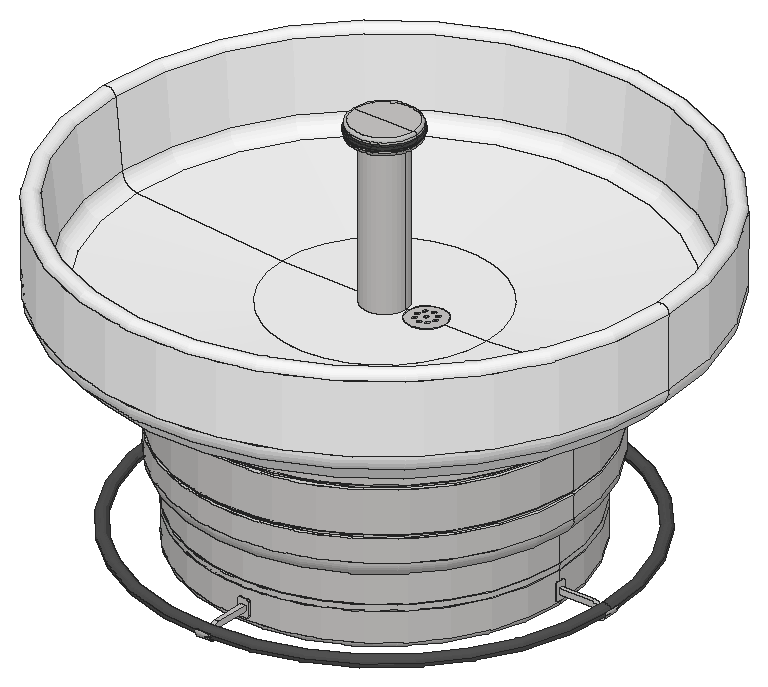
Revit family "Washfountain_Lavatory-Bradley_Corp-WF2608-Type_B_Drain", category Plumbing Fixtures, Revit 2012 (continued)
Automatic sketch dimensions
  curve 101 to plane 1 "Center (Front/Back)" = 0.000"
  curve 101 to plane 3 "Center (Left/Right)" = 0.000"
  Masking region 27 sketch curve to plane 1 "Center (Front/Back)" = 0.000"
  Masking region 27 sketch curve to plane 3 "Center (Left/Right)" = 0.000"
  curve 102 to plane 1 "Center (Front/Back)" = 0.000"
  curve 102 to plane 3 "Center (Left/Right)" = 0.000"
  Masking region 28 sketch curve to plane 1 "Center (Front/Back)" = 0.000"
  Masking region 28 sketch curve to plane 3 "Center (Left/Right)" = 0.000"
  curve 103 to plane 1 "Center (Front/Back)" = 0.000"
  curve 103 to plane 3 "Center (Left/Right)" = 0.000"
  plane 8 "Towel Dispenser" to Extrusion 13 sketch curve = 0.000"
  Extrusion 13 sketch curve to Extrusion 13 sketch curve = 1.37502"
  Extrusion 13 sketch curve to Extrusion 13 sketch curve = 1.750"
  Extrusion 13 sketch curve to Extrusion 13 sketch curve = 2.250"
  Extrusion 14 sketch curve to Extrusion 14 sketch curve = 1.37502"
  Extrusion 14 sketch curve to Extrusion 14 sketch curve = 1.750"
  Extrusion 14 sketch curve to Extrusion 14 sketch curve = 2.250"
  Extrusion 14 sketch curve to plane 8 "Towel Dispenser" = 0.000"
  Extrusion 15 sketch curve to Extrusion 15 sketch curve = 1.37502"
  Extrusion 15 sketch curve to Extrusion 15 sketch curve = 1.750"
  Extrusion 15 sketch curve to Extrusion 15 sketch curve = 2.250"
  Extrusion 15 sketch curve to plane 8 "Towel Dispenser" = 0.000"
  Split face 1 sketch curve to Extrusion 13 = 0.56845"
  Split face 1 sketch curve to Split face 1 sketch curve = 0.750"
  Split face 1 sketch curve to Extrusion 13 = 1.500"  (x2)
  Split face 2 sketch curve to Extrusion 14 = 0.56845"
  Split face 2 sketch curve to Split face 2 sketch curve = 0.750"
  Split face 2 sketch curve to Extrusion 14 = 1.500"  (x2)
  Split face 3 sketch curve to Extrusion 15 = 0.56851"
  Split face 3 sketch curve to Split face 3 sketch curve = 0.750"
  Split face 3 sketch curve to Extrusion 15 = 1.500"  (x2)
  curve 9 to plane 1 "Center (Front/Back)" = 0.000"
  curve 109 to plane 6 "Front" = 0.000"
  curve 132 to plane 7 "Back" = 0.000"
  curve 10 to plane 3 "Center (Left/Right)" = 0.000"
  plane 3 "Center (Left/Right)" to curve 105 = 0.06279"
  plane 3 "Center (Left/Right)" to curve 132 = 3.000"
  plane 3 "Center (Left/Right)" to curve 109 = 3.000"
  plane 3 "Center (Left/Right)" to curve 9 = 3.000"
  curve 105 to curve 9 = 2.60192"
  curve 104 to plane 3 "Center (Left/Right)" = 0.06259"
  curve 109 to plane 3 "Center (Left/Right)" = 3.000"
  curve 9 to plane 3 "Center (Left/Right)" = 3.000"
  curve 132 to plane 3 "Center (Left/Right)" = 3.000"
  curve 9 to curve 104 = 2.60167"
  curve 106 to plane 1 "Center (Front/Back)" = 3.20696"
  curve 10 to plane 1 "Center (Front/Back)" = 3.000"
  plane 1 "Center (Front/Back)" to curve 10 = 3.000"
  curve 10 to curve 104 = 3.38699"
  curve 104 to curve 105 = 0.00011"
  curve 134 to curve 132 = 0.000"
  curve 133 to curve 132 = 0.000"
  curve 141 to curve 132 = 2.50026"
  curve 139 to curve 132 = 0.29642"
  curve 139 to curve 132 = 1.00026"
  curve 138 to curve 132 = 0.25026"
  curve 141 to curve 132 = 1.37502"
  curve 132 to curve 140 = 1.000"
  curve 140 to curve 140 = 0.750"
  curve 132 to curve 133 = 2.500"
  curve 139 to curve 138 = 0.39109"
  curve 136 to curve 141 = 0.000"
  curve 132 to curve 135 = 14.62567"
  curve 135 to curve 133 = 0.68733"
  curve 135 to curve 134 = 0.68733"
  curve 108 to Extrusion 15 = 0.000"  (x3)
  curve 154 to Extrusion 15 = 2.60156"
  Extrusion 15 to curve 154 = 1.95703"
  curve 154 to curve 154 = 1.000"
  curve 107 to Extrusion 14 = 0.000"  (x3)
  Extrusion 14 to curve 156 = 1.95703"
  curve 156 to Extrusion 14 = 2.60156"
  curve 156 to curve 156 = 1.000"
  curve 157 to Extrusion 13 = 0.000"  (x3)
  curve 155 to Extrusion 13 = 2.60156"
  curve 155 to curve 155 = 1.000"
  Extrusion 13 to curve 155 = 1.95703"
  curve 160 to curve 132 = 0.54323"
  curve 132 to curve 160 = 3.97659"
  curve 132 to curve 160 = 4.97659"
  Masking region 29 sketch curve to plane 1 "Center (Front/Back)" = 0.000"
  Masking region 29 sketch curve to plane 3 "Center (Left/Right)" = 0.000"
  plane 3 "Center (Left/Right)" to Masking region 29 sketch curve = 0.06279"
  plane 3 "Center (Left/Right)" to Masking region 29 sketch curve = 3.52689"
  plane 3 "Center (Left/Right)" to Masking region 29 sketch curve = 5.50026"
  Masking region 29 sketch curve to plane 1 "Center (Front/Back)" = 3.13918"
  Masking region 29 sketch curve to Masking region 29 sketch curve = 0.06253"
  Masking region 29 sketch curve to plane 1 "Center (Front/Back)" = 1.13918"
  Masking region 29 sketch curve to Masking region 29 sketch curve = 3.4641"  (x2)
  Masking region 29 sketch curve to plane 3 "Center (Left/Right)" = 0.06259"
  Masking region 29 sketch curve to plane 3 "Center (Left/Right)" = 3.5267"
  Masking region 29 sketch curve to plane 3 "Center (Left/Right)" = 5.500"
  Masking region 29 sketch curve to plane 1 "Center (Front/Back)" = 3.13929"
  Masking region 29 sketch curve to Masking region 29 sketch curve = 0.06259"
  Masking region 29 sketch curve to plane 1 "Center (Front/Back)" = 1.13929"
  Masking region 29 sketch curve to Masking region 29 sketch curve = 0.06767"
  Masking region 29 sketch curve to Masking region 29 sketch curve = 0.06779"
  Masking region 29 sketch curve to Masking region 29 sketch curve = 4.000"
  Extrusion 16 sketch curve to plane 1 "Center (Front/Back)" = 0.000"
  Extrusion 16 sketch curve to plane 3 "Center (Left/Right)" = 0.000"
  curve 5 to Masking region 32 sketch curve = 1.000"
  curve 5 to Masking region 32 sketch curve = 3.500"
  Masking region 32 sketch curve to curve 5 = 1.000"
  Masking region 33 sketch curve to plane 10 "Sensor Module" = 3.500"
  Masking region 33 sketch curve to plane 1 "Center (Front/Back)" = 2.000"
  plane 1 "Center (Front/Back)" to Masking region 33 sketch curve = 2.000"
  Extrusion 17 sketch curve to plane 1 "Center (Front/Back)" = 0.000"
  Extrusion 17 sketch curve to plane 3 "Center (Left/Right)" = 0.000"
  Extrusion 18 sketch curve to Extrusion 18 sketch curve = 0.000"  (x3)
  Extrusion 18 sketch curve to plane 1 "Center (Front/Back)" = 0.000"
  Extrusion 18 sketch curve to plane 3 "Center (Left/Right)" = 0.000"
  plane 3 "Center (Left/Right)" to Extrusion 18 sketch curve = 0.06295"
  Extrusion 18 sketch curve to Extrusion 18 sketch curve = 2.000"
  Extrusion 18 sketch curve to Extrusion 18 sketch curve = 3.50026"
  Extrusion 18 sketch curve to Extrusion 18 sketch curve = 0.06243"
  Extrusion 18 sketch curve to plane 3 "Center (Left/Right)" = 0.06259"
  Extrusion 18 sketch curve to Extrusion 18 sketch curve = 3.500"
  Extrusion 18 sketch curve to Extrusion 18 sketch curve = 0.06259"
  Extrusion 18 sketch curve to plane 1 "Center (Front/Back)" = 3.13929"  (x2)
  Extrusion 18 sketch curve to Extrusion 18 sketch curve = 0.06767"
  plane 1 "Center (Front/Back)" to Extrusion 18 sketch curve = 6.38699"
  plane 3 "Center (Left/Right)" to Extrusion 19 sketch curve = 5.56269"
  Extrusion 19 sketch curve to Extrusion 19 sketch curve = 0.06243"
  plane 3 "Center (Left/Right)" to Extrusion 19 sketch curve = 0.06295"
  Extrusion 19 sketch curve to plane 3 "Center (Left/Right)" = 0.06259"
  Extrusion 19 sketch curve to plane 3 "Center (Left/Right)" = 5.500"
  Extrusion 19 sketch curve to Extrusion 19 sketch curve = 0.06259"
  Extrusion 19 sketch curve to plane 1 "Center (Front/Back)" = 3.20696"
  Extrusion 19 sketch curve to Extrusion 19 sketch curve = 0.06767"  (x2)
  plane 1 "Center (Front/Back)" to Extrusion 19 sketch curve = 6.38699"
  Extrusion 19 sketch curve to Extrusion 19 sketch curve = 0.000"
  Extrusion 19 sketch curve to plane 1 "Center (Front/Back)" = 0.000"
  Extrusion 19 sketch curve to plane 3 "Center (Left/Right)" = 0.000"
  Extrusion 19 sketch curve to Extrusion 19 sketch curve = 2.000"
  curve 96 to curve 5 = 1.5755"
  curve 5 to curve 95 = 0.56541"
  curve 96 to curve 95 = 0.07563"
  curve 5 to curve 97 = 1.000"
  curve 97 to curve 5 = 1.000"
  curve 5 to curve 95 = 1.49987"
  curve 95 to curve 96 = 0.0755"
  curve 96 to curve 95 = 1.44948"
  curve 97 to curve 5 = 2.84038"
  Sweep 20 sketch curve to profile plane = 0.000"
  profile plane to Sweep 20 sketch curve = 1.425"
  Extrusion 21 sketch curve to Extrusion 21 sketch curve = 0.000"  (x10)
  level to Extrusion 21 sketch curve = 1.57969"
  plane 4 "Left" to Extrusion 21 sketch curve = 5.42032"
  Extrusion 21 sketch curve to Extrusion 21 sketch curve = 0.04831"  (x2)
  Extrusion 21 sketch curve to Extrusion 21 sketch curve = 0.48307"  (x2)
  Extrusion 21 sketch curve to Extrusion 21 sketch curve = 0.48846"  (x2)
  Extrusion 21 sketch curve to Extrusion 21 sketch curve = 0.04885"  (x2)
  level to Extrusion 21 sketch curve = 1.55302"
  Extrusion 21 sketch curve to plane 5 "Right" = 6.58615"
  Extrusion 21 sketch curve to Extrusion 21 sketch curve = 0.02667"
  Extrusion 21 sketch curve to Extrusion 21 sketch curve = 0.01068"
  Extrusion 22 sketch curve to Extrusion 22 sketch curve = 0.000"  (x10)
  level to Extrusion 22 sketch curve = 1.57982"
  plane 6 "Front" to Extrusion 22 sketch curve = 5.42032"
  Extrusion 22 sketch curve to Extrusion 22 sketch curve = 0.04831"  (x2)
  Extrusion 22 sketch curve to Extrusion 22 sketch curve = 0.48307"  (x2)
  Extrusion 22 sketch curve to Extrusion 22 sketch curve = 0.48846"  (x2)
  Extrusion 22 sketch curve to Extrusion 22 sketch curve = 0.04885"  (x2)
  level to Extrusion 22 sketch curve = 1.55315"
  Extrusion 22 sketch curve to plane 7 "Back" = 6.58615"
  Extrusion 22 sketch curve to Extrusion 22 sketch curve = 0.03735"
  Extrusion 22 sketch curve to Extrusion 22 sketch curve = 0.01068"
  Extrusion 24 sketch curve to Extrusion 24 sketch curve = 0.000"  (x6)
  level to Extrusion 24 sketch curve = 0.82997"
  plane 6 "Front" to Extrusion 24 sketch curve = 5.99907"
  Extrusion 24 sketch curve to Extrusion 24 sketch curve = 0.19771"  (x2)
  Extrusion 24 sketch curve to Extrusion 24 sketch curve = 0.600"
  Extrusion 24 sketch curve to Extrusion 24 sketch curve = 0.45214"  (x2)
  Extrusion 24 sketch curve to Extrusion 24 sketch curve = 0.14125"  (x2)
  Extrusion 24 sketch curve to Extrusion 24 sketch curve = 3.19031"  (x2)
  level to Extrusion 24 sketch curve = 1.77219"
  Extrusion 24 sketch curve to plane 7 "Back" = 10.38277"
  level to Extrusion 24 sketch curve = 1.27219"
  Extrusion 24 sketch curve to Extrusion 24 sketch curve = 0.40229"
  Extrusion 24 sketch curve to Extrusion 24 sketch curve = 0.34334"
  Extrusion 23 sketch curve to Extrusion 23 sketch curve = 0.000"  (x6)
  level to Extrusion 23 sketch curve = 0.82503"  (x2)
  plane 4 "Left" to Extrusion 23 sketch curve = 6.000"
  Extrusion 23 sketch curve to Extrusion 23 sketch curve = 0.19771"  (x2)
  Extrusion 23 sketch curve to Extrusion 23 sketch curve = 0.600"
  Extrusion 23 sketch curve to Extrusion 23 sketch curve = 0.45214"  (x2)
  Extrusion 23 sketch curve to Extrusion 23 sketch curve = 0.14125"  (x2)
  Extrusion 23 sketch curve to Extrusion 23 sketch curve = 3.19031"  (x2)
  level to Extrusion 23 sketch curve = 1.26725"
  Extrusion 23 sketch curve to plane 5 "Right" = 10.3837"
  Extrusion 23 sketch curve to Extrusion 23 sketch curve = 0.40229"
  Extrusion 23 sketch curve to Extrusion 23 sketch curve = 0.34334"
  curve 161 to plane 1 "Center (Front/Back)" = 0.000"
  curve 161 to plane 3 "Center (Left/Right)" = 0.000"
  plane 1 "Center (Front/Back)" to Extrusion 25 sketch curve = 0.49499"
  plane 1 "Center (Front/Back)" to Extrusion 25 sketch curve = 0.24499"  (x2)
  plane 1 "Center (Front/Back)" to Extrusion 25 sketch curve = 0.23845"
  Extrusion 25 sketch curve to plane 1 "Center (Front/Back)" = 0.24214"
  Extrusion 25 sketch curve to plane 1 "Center (Front/Back)" = 0.25501"  (x2)
  Extrusion 25 sketch curve to Extrusion 25 sketch curve = 0.250"
  level to Extrusion 25 sketch curve = 0.70961"
  Extrusion 25 sketch curve to Extrusion 25 sketch curve = 0.2684"  (x2)
  Extrusion 25 sketch curve to Extrusion 25 sketch curve = 0.5882"
  Extrusion 28 sketch curve to plane 3 "Center (Left/Right)" = 0.49499"
  Extrusion 28 sketch curve to plane 3 "Center (Left/Right)" = 0.24499"  (x2)
  Extrusion 28 sketch curve to plane 3 "Center (Left/Right)" = 0.23845"
  plane 3 "Center (Left/Right)" to Extrusion 28 sketch curve = 0.24214"
  plane 3 "Center (Left/Right)" to Extrusion 28 sketch curve = 0.25501"  (x2)
  Extrusion 28 sketch curve to Extrusion 28 sketch curve = 0.250"
  level to Extrusion 28 sketch curve = 0.70961"
  Extrusion 28 sketch curve to Extrusion 28 sketch curve = 0.2684"  (x2)
  Extrusion 28 sketch curve to Extrusion 28 sketch curve = 0.5882"
  plane 1 "Center (Front/Back)" to Extrusion 26 sketch curve = 0.50501"
  plane 1 "Center (Front/Back)" to Extrusion 26 sketch curve = 0.25501"  (x2)
  plane 1 "Center (Front/Back)" to Extrusion 26 sketch curve = 0.24214"
  Extrusion 26 sketch curve to plane 1 "Center (Front/Back)" = 0.23845"
  Extrusion 26 sketch curve to plane 1 "Center (Front/Back)" = 0.24499"  (x2)
  Extrusion 26 sketch curve to Extrusion 26 sketch curve = 0.250"
  level to Extrusion 26 sketch curve = 0.70961"
  Extrusion 26 sketch curve to Extrusion 26 sketch curve = 0.2684"  (x2)
  Extrusion 26 sketch curve to Extrusion 26 sketch curve = 0.5882"
  Extrusion 27 sketch curve to plane 3 "Center (Left/Right)" = 0.50501"
  Extrusion 27 sketch curve to plane 3 "Center (Left/Right)" = 0.25501"  (x2)
  Extrusion 27 sketch curve to plane 3 "Center (Left/Right)" = 0.24214"
  plane 3 "Center (Left/Right)" to Extrusion 27 sketch curve = 0.23845"
  plane 3 "Center (Left/Right)" to Extrusion 27 sketch curve = 0.24499"  (x2)
  Extrusion 27 sketch curve to Extrusion 27 sketch curve = 0.250"
  level to Extrusion 27 sketch curve = 0.70961"
  Extrusion 27 sketch curve to Extrusion 27 sketch curve = 0.2684"  (x2)
  Extrusion 27 sketch curve to Extrusion 27 sketch curve = 0.5882"
  plane 4 "Left" to Masking region 34 sketch curve = 5.42032"
  Masking region 34 sketch curve to Masking region 34 sketch curve = 0.000"  (x4)
  Masking region 34 sketch curve to Masking region 34 sketch curve = 0.04831"  (x2)
  Masking region 34 sketch curve to Masking region 34 sketch curve = 0.04873"  (x2)
  Masking region 34 sketch curve to Masking region 34 sketch curve = 0.48264"  (x2)
  Masking region 34 sketch curve to Masking region 34 sketch curve = 0.00088"
  Masking region 34 sketch curve to Masking region 34 sketch curve = 0.19771"  (x2)
  Masking region 34 sketch curve to Masking region 34 sketch curve = 0.69685"  (x2)
  Masking region 34 sketch curve to plane 3 "Center (Left/Right)" = 0.670"
  Masking region 34 sketch curve to Masking region 34 sketch curve = 0.16499"
  Masking region 34 sketch curve to Masking region 34 sketch curve = 0.20433"  (x2)
  Masking region 34 sketch curve to Masking region 34 sketch curve = 0.21066"  (x2)
  Masking region 34 sketch curve to plane 3 "Center (Left/Right)" = 0.25501"
  plane 3 "Center (Left/Right)" to Masking region 34 sketch curve = 0.25501"  (x2)
  Masking region 34 sketch curve to Masking region 34 sketch curve = 0.250"
  level to Masking region 34 sketch curve = 0.925"
  Masking region 34 sketch curve to plane 5 "Right" = 6.69772"
  Masking region 34 sketch curve to Masking region 34 sketch curve = 0.50002"
  level to Masking region 34 sketch curve = 0.825"
  Masking region 34 sketch curve to Masking region 34 sketch curve = 0.10013"  (x2)
  Masking region 34 sketch curve to Masking region 34 sketch curve = 0.50506"
  Masking region 34 sketch curve to Masking region 34 sketch curve = 0.00013"  (x2)
  Masking region 34 sketch curve to Masking region 34 sketch curve = 1.000"
  Masking region 34 sketch curve to Masking region 34 sketch curve = 0.15961"
  Masking region 34 sketch curve to Masking region 34 sketch curve = 0.11539"  (x2)
  level to Masking region 34 sketch curve = 0.82487"
  level to Masking region 35 sketch curve = 1.57955"
  plane 6 "Front" to Masking region 35 sketch curve = 5.42032"
  Masking region 35 sketch curve to Masking region 35 sketch curve = 0.000"  (x4)
  Masking region 35 sketch curve to Masking region 35 sketch curve = 0.04831"  (x2)
  Masking region 35 sketch curve to Masking region 35 sketch curve = 0.04873"  (x2)
  Masking region 35 sketch curve to Masking region 35 sketch curve = 0.48264"  (x2)
  Masking region 35 sketch curve to Masking region 35 sketch curve = 0.00088"
  Masking region 35 sketch curve to Masking region 35 sketch curve = 0.19771"  (x2)
  Masking region 35 sketch curve to Masking region 35 sketch curve = 0.69685"  (x2)
  plane 1 "Center (Front/Back)" to Masking region 35 sketch curve = 0.670"
  plane 1 "Center (Front/Back)" to Masking region 35 sketch curve = 0.50501"
  Masking region 35 sketch curve to Masking region 35 sketch curve = 0.20433"  (x2)
  Masking region 35 sketch curve to Masking region 35 sketch curve = 0.21066"  (x2)
  Masking region 35 sketch curve to Masking region 35 sketch curve = 0.250"  (x2)
  Masking region 35 sketch curve to plane 1 "Center (Front/Back)" = 0.25501"  (x2)
  level to Masking region 35 sketch curve = 0.92487"  (x2)
  Masking region 35 sketch curve to plane 7 "Back" = 6.69772"
  Masking region 35 sketch curve to Masking region 35 sketch curve = 0.50002"
  Masking region 35 sketch curve to Masking region 35 sketch curve = 0.100"  (x2)
  Masking region 35 sketch curve to Masking region 35 sketch curve = 0.10013"  (x2)
  Masking region 35 sketch curve to Masking region 35 sketch curve = 0.11539"
  Masking region 35 sketch curve to Masking region 35 sketch curve = 0.50506"
  Masking region 35 sketch curve to Masking region 35 sketch curve = 0.00013"  (x2)
  Masking region 35 sketch curve to Masking region 35 sketch curve = 0.15961"
  curve 57 to curve 11 = 14.96307"
  curve 56 to curve 57 = 0.000"
  curve 53 to curve 56 = 0.000"
  curve 60 to curve 57 = 0.000"
  curve 53 to curve 42 = 0.00024"
  curve 57 to curve 47 = 0.00024"
  curve 51 to curve 47 = 0.000"
  curve 46 to curve 42 = 0.000"
  curve 46 to curve 45 = 0.09798"  (x2)
  curve 51 to curve 50 = 0.09798"  (x2)
  curve 43 to curve 45 = 0.000"
  curve 44 to curve 43 = 0.000"  (x2)
  curve 49 to curve 50 = 0.000"
  curve 48 to curve 49 = 0.000"
  curve 53 to curve 54 = 0.125"
  curve 60 to curve 59 = 0.125"  (x2)
  curve 68 to curve 54 = 0.000"
  curve 67 to curve 59 = 0.000"  (x2)
  curve 55 to curve 68 = 0.000"  (x2)
  curve 58 to curve 67 = 0.000"  (x2)
  curve 60 to curve 66 = 1.29784"
  curve 64 to curve 66 = 0.000"
  curve 65 to curve 64 = 0.000"
  curve 66 to curve 63 = 0.048"
  curve 64 to curve 62 = 0.048"
  curve 59 to curve 52 = 1.22108"
  curve 11 to curve 62 = 13.61537"
  curve 61 to curve 62 = 0.000"
  curve 63 to curve 62 = 0.000"
  curve 62 to curve 65 = 0.048"
  curve 63 to curve 66 = 0.048"
  curve 62 to curve 64 = 0.048"
  curve 52 to curve 59 = 1.2206"
  curve 68 to curve 67 = 0.000"
  curve 54 to curve 68 = 0.000"
  curve 58 to curve 50 = 0.02726"
  curve 54 to curve 43 = 0.02726"
  curve 48 to curve 50 = 0.000"
  curve 45 to curve 44 = 0.000"
  curve 49 to curve 48 = 0.000"
  curve 54 to curve 53 = 0.125"  (x2)
  curve 58 to curve 57 = 0.125"  (x2)
  curve 59 to curve 60 = 0.125"
  curve 55 to curve 56 = 0.125"
  curve 50 to curve 51 = 0.09798"
  curve 43 to curve 42 = 0.09798"  (x2)
  curve 45 to curve 46 = 0.09798"
  curve 48 to curve 47 = 0.09798"  (x2)
  curve 63 to curve 11 = 15.8195"
  curve 63 to curve 66 = 0.06365"
  curve 66 to curve 65 = 0.24885"
  curve 65 to curve 64 = 0.24885"
  curve 64 to curve 62 = 0.06365"
  curve 62 to curve 61 = 2.70246"
  curve 52 to curve 60 = 0.84847"
  curve 59 to curve 67 = 0.0625"
  curve 67 to curve 58 = 0.0625"
  curve 57 to curve 51 = 1.55669"
  curve 50 to curve 49 = 0.04899"
  curve 49 to curve 48 = 0.04899"
  curve 47 to curve 56 = 1.96186"
  curve 56 to curve 55 = 0.125"
  curve 55 to curve 68 = 0.0625"
  curve 68 to curve 54 = 0.0625"
  curve 53 to curve 46 = 0.65162"
  curve 45 to curve 44 = 0.04899"
  curve 44 to curve 43 = 0.04899"
  curve 12 to curve 25 = 4.37498"
  curve 25 to curve 12 = 14.96214"
  curve 28 to curve 25 = 0.000"
  curve 30 to curve 28 = 0.000"
  curve 14 to curve 25 = 0.000"
  curve 33 to curve 30 = 0.000"
  curve 22 to curve 30 = 0.000"
  curve 17 to curve 14 = 0.000"
  curve 19 to curve 22 = 0.000"
  curve 17 to curve 13 = 0.09798"
  curve 22 to curve 18 = 0.09798"
  curve 15 to curve 13 = 0.000"
  curve 20 to curve 18 = 0.000"  (x2)
  curve 16 to curve 13 = 0.000"
  curve 21 to curve 18 = 0.000"
  curve 33 to curve 34 = 0.125"
  curve 25 to curve 26 = 0.125"
  curve 27 to curve 26 = 0.000"
  curve 32 to curve 34 = 0.000"
  curve 29 to curve 27 = 0.000"
  curve 31 to curve 34 = 0.000"  (x2)
  curve 33 to curve 37 = 1.29784"
  curve 38 to curve 37 = 0.000"
  curve 40 to curve 38 = 0.000"
  curve 32 to curve 24 = 1.22084"
  curve 37 to curve 36 = 0.048"
  curve 40 to curve 39 = 0.048"
  curve 39 to curve 36 = 0.000"
  curve 39 to curve 40 = 0.048"
  curve 36 to curve 37 = 0.048"
  curve 38 to curve 40 = 0.000"
  curve 24 to curve 29 = 1.22084"
  curve 24 to curve 32 = 1.22084"
  curve 26 to curve 29 = 0.000"
  curve 34 to curve 32 = 0.000"
  curve 27 to curve 29 = 0.000"
  curve 31 to curve 21 = 0.02702"
  curve 18 to curve 21 = 0.000"
  curve 26 to curve 16 = 0.02702"
  curve 15 to curve 16 = 0.000"
  curve 13 to curve 16 = 0.000"
  curve 16 to curve 17 = 0.09798"
  curve 21 to curve 22 = 0.09798"
  curve 32 to curve 33 = 0.125"
  curve 15 to curve 14 = 0.09798"  (x2)
  curve 31 to curve 30 = 0.125"  (x2)
  curve 27 to curve 28 = 0.125"
  curve 26 to curve 25 = 0.125"  (x2)
  curve 20 to curve 19 = 0.09798"  (x2)
  curve 29 to curve 26 = 0.0625"
  curve 27 to curve 29 = 0.0625"
  curve 28 to curve 27 = 0.125"
  curve 19 to curve 28 = 1.96186"
  curve 18 to curve 20 = 0.04899"
  curve 21 to curve 18 = 0.04899"
  curve 22 to curve 21 = 0.09798"
  curve 30 to curve 22 = 1.55669"
  curve 34 to curve 31 = 0.0625"
  curve 32 to curve 34 = 0.0625"
  curve 33 to curve 32 = 0.125"
  curve 24 to curve 32 = 0.97347"
  curve 36 to curve 35 = 2.70246"
  curve 37 to curve 36 = 0.06365"
  curve 38 to curve 37 = 0.24885"
  curve 40 to curve 38 = 0.24885"
  curve 39 to curve 40 = 0.06365"
  curve 25 to curve 17 = 0.65162"
  curve 17 to curve 16 = 0.09798"
  curve 16 to curve 13 = 0.04899"
  curve 13 to curve 15 = 0.04899"
  plane 4 "Left" to Masking region 36 sketch curve = 6.000"
  level to Masking region 36 sketch curve = 1.925"
  Masking region 36 sketch curve to plane 5 "Right" = 6.000"
  Masking region 36 sketch curve to Masking region 36 sketch curve = 0.500"
  plane 6 "Front" to Masking region 37 sketch curve = 6.000"
  Masking region 37 sketch curve to plane 7 "Back" = 6.000"
  Masking region 37 sketch curve to Masking region 37 sketch curve = 0.500"
  level to Masking region 37 sketch curve = 0.92487"
  Revolve 5 sketch curve to curve 12 = 0.000"
  Revolve 5 sketch curve to curve 12 = 13.22437"
  Revolve 5 sketch curve to Revolve 5 sketch curve = 0.39193"  (x2)
  Revolve 5 sketch curve to Revolve 5 sketch curve = 0.048"
  curve 12 to Revolve 5 sketch curve = 3.52739"
  Revolve 5 sketch curve to Revolve 5 sketch curve = 1.24786"  (x2)
  curve 12 to Revolve 5 sketch curve = 6.80982"
  Revolve 5 sketch curve to Revolve 5 sketch curve = 1.34584"
  curve 12 to Revolve 5 sketch curve = 6.71184"
  Revolve 5 sketch curve to Revolve 5 sketch curve = 0.09798"  (x6)
  curve 12 to Revolve 5 sketch curve = 3.000"
  Revolve 5 sketch curve to Revolve 5 sketch curve = 1.43431"
  Revolve 5 sketch curve to Revolve 5 sketch curve = 1.40855"
  Revolve 5 sketch curve to Revolve 5 sketch curve = 0.06365"  (x2)
  Revolve 5 sketch curve to Revolve 5 sketch curve = 0.4977"
  Revolve 5 sketch curve to Revolve 5 sketch curve = 2.78857"
  Revolve 5 sketch curve to curve 12 = 18.69893"
  Revolve 5 sketch curve to Revolve 5 sketch curve = 0.19597"
  curve 12 to Revolve 5 sketch curve = 3.05107"
  Masking region 6 sketch curve to curve 12 = 0.000"
  Masking region 6 sketch curve to curve 12 = 14.96214"
  Masking region 6 sketch curve to Masking region 6 sketch curve = 0.000"  (x2)
  curve 12 to Masking region 6 sketch curve = 3.72336"
  Masking region 6 sketch curve to Masking region 6 sketch curve = 0.09798"  (x14)
  curve 12 to Masking region 6 sketch curve = 3.62537"  (x2)
  Masking region 6 sketch curve to Masking region 6 sketch curve = 1.29784"
  Masking region 6 sketch curve to Masking region 6 sketch curve = 0.048"  (x3)
  Masking region 6 sketch curve to Masking region 6 sketch curve = 0.39193"  (x3)
  curve 12 to Masking region 6 sketch curve = 13.22437"
  Masking region 6 sketch curve to Masking region 6 sketch curve = 1.24786"  (x2)
  curve 12 to Masking region 6 sketch curve = 6.90781"
  Masking region 6 sketch curve to Masking region 6 sketch curve = 1.34584"
  curve 12 to Masking region 6 sketch curve = 6.71184"
  Masking region 6 sketch curve to Masking region 6 sketch curve = 3.18445"
  Masking region 6 sketch curve to Masking region 6 sketch curve = 1.43431"  (x2)
  Masking region 6 sketch curve to Masking region 6 sketch curve = 1.40855"  (x2)
  Masking region 6 sketch curve to Masking region 6 sketch curve = 0.06365"  (x4)
  Masking region 6 sketch curve to Masking region 6 sketch curve = 0.4977"  (x2)
  Masking region 6 sketch curve to Masking region 6 sketch curve = 2.78857"
  curve 23 to curve 24 = 0.03763"
  curve 23 to curve 35 = 0.03763"
  curve 12 to curve 35 = 13.6163"
  curve 24 to curve 35 = 0.000"
  curve 39 to curve 35 = 0.000"
  curve 35 to curve 23 = 0.03763"
  curve 23 to curve 24 = 2.36946"
  curve 35 to curve 23 = 0.33663"
  curve 189 to curve 1 = 13.6643"
  curve 188 to curve 189 = 0.000"
  curve 189 to curve 190 = 0.048"
  curve 188 to curve 187 = 0.048"
  curve 1 to curve 187 = 13.6163"
  curve 190 to curve 187 = 0.000"
  curve 190 to curve 189 = 0.048"
  curve 187 to curve 188 = 0.048"
  curve 187 to curve 1 = 21.4445"
  curve 188 to curve 187 = 0.06365"
  curve 189 to curve 188 = 0.4977"
  curve 190 to curve 189 = 0.06365"
  curve 191 to curve 189 = 0.000"
  curve 191 to curve 188 = 0.000"
  curve 189 to curve 191 = 0.24885"
  plane 1 "Center (Front/Back)" to Masking region 38 sketch curve = 2.000"
  Masking region 38 sketch curve to plane 1 "Center (Front/Back)" = 2.000"
  Masking region 38 sketch curve to plane 9 "Soap Dispenser" = 8.500"
  Masking region 12 sketch curve to curve 11 = 0.000"
  Masking region 12 sketch curve to curve 11 = 14.96283"
  Masking region 12 sketch curve to Masking region 12 sketch curve = 0.000"  (x3)
  curve 11 to Masking region 12 sketch curve = 3.72336"
  Masking region 12 sketch curve to Masking region 12 sketch curve = 0.09798"  (x14)
  curve 11 to Masking region 12 sketch curve = 3.62537"
  Masking region 12 sketch curve to Masking region 12 sketch curve = 1.2976"
  Masking region 12 sketch curve to Masking region 12 sketch curve = 0.04824"  (x2)
  Masking region 12 sketch curve to Masking region 12 sketch curve = 0.39193"  (x2)
  curve 11 to Masking region 12 sketch curve = 13.22368"
  Masking region 12 sketch curve to Masking region 12 sketch curve = 0.04962"
  curve 11 to Masking region 12 sketch curve = 3.52739"
  Masking region 12 sketch curve to Masking region 12 sketch curve = 1.24786"  (x2)
  curve 11 to Masking region 12 sketch curve = 6.90781"
  Masking region 12 sketch curve to Masking region 12 sketch curve = 1.34584"
  Masking region 12 sketch curve to Masking region 12 sketch curve = 3.28243"
  Masking region 12 sketch curve to Masking region 12 sketch curve = 1.43431"  (x2)
  Masking region 12 sketch curve to Masking region 12 sketch curve = 0.06397"  (x4)
  Masking region 12 sketch curve to Masking region 12 sketch curve = 0.49706"  (x2)
  Masking region 12 sketch curve to Masking region 12 sketch curve = 2.78857"
  Masking region 12 sketch curve to Masking region 12 sketch curve = 0.19597"
  Masking region 12 sketch curve to Masking region 12 sketch curve = 1.40855"  (x2)
  curve 200 to curve 196 = 0.000"
  curve 198 to curve 199 = 0.04824"
  curve 196 to curve 197 = 0.04824"
  curve 197 to curve 199 = 0.000"
  curve 197 to curve 200 = 0.04962"
  curve 199 to curve 198 = 0.04962"
  curve 197 to curve 196 = 0.04962"
  curve 199 to curve 198 = 0.06397"
  curve 198 to curve 200 = 0.24853"
  curve 200 to curve 196 = 0.24853"
  curve 196 to curve 197 = 0.06397"
  curve 198 to curve 52 = 0.04824"
  curve 196 to curve 198 = 0.000"
  curve 61 to curve 199 = 0.00024"  (x2)
  curve 52 to curve 197 = 0.000"
  curve 61 to curve 199 = 0.67254"
  curve 197 to curve 52 = 1.40855"
  Masking region 30 sketch curve to curve 9 = 0.000"  (x2)
  Masking region 30 sketch curve to curve 9 = 6.02676"
  Masking region 30 sketch curve to Masking region 30 sketch curve = 1.94856"
  Masking region 30 sketch curve to curve 9 = 2.56266"
  curve 9 to Masking region 30 sketch curve = 1.000"  (x2)
  Masking region 30 sketch curve to curve 9 = 1.000"  (x2)
  curve 9 to Masking region 30 sketch curve = 2.56273"
  curve 9 to Masking region 30 sketch curve = 4.0783"
  Masking region 30 sketch curve to Masking region 30 sketch curve = 3.46415"
  Masking region 30 sketch curve to curve 9 = 1.37502"  (x2)
  curve 9 to Masking region 30 sketch curve = 14.62567"  (x2)
  curve 9 to Masking region 30 sketch curve = 15.313"  (x2)
  Masking region 30 sketch curve to Masking region 30 sketch curve = 1.000"
  curve 192 to curve 109 = 0.000"
  curve 131 to curve 109 = 6.02688"
  curve 111 to curve 109 = 1.37502"
  curve 111 to curve 109 = 6.02688"
  curve 122 to curve 130 = 1.06133"
  curve 130 to curve 127 = 0.10866"
  curve 130 to curve 130 = 0.55423"  (x2)
  curve 130 to curve 109 = 0.29645"
  curve 129 to curve 111 = 0.4715"
  curve 159 to curve 109 = 1.50547"
  curve 127 to curve 111 = 0.32995"
  curve 128 to curve 109 = 0.30272"
  curve 109 to curve 128 = 0.2515"
  curve 129 to curve 128 = 0.10866"
  curve 109 to curve 193 = 1.000"
  curve 128 to curve 192 = 0.63984"
  curve 192 to curve 120 = 0.42158"
  curve 193 to curve 113 = 1.93715"
  curve 117 to curve 118 = 0.12538"
  curve 119 to curve 109 = 1.42193"
  curve 119 to curve 192 = 0.42193"
  curve 193 to curve 109 = 1.000"
  curve 125 to curve 109 = 0.25187"
  curve 109 to curve 126 = 0.30235"
  curve 109 to curve 110 = 0.52663"
  curve 110 to curve 126 = 0.32994"
  curve 126 to curve 126 = 0.10867"
  curve 109 to curve 110 = 3.2767"
  curve 124 to curve 109 = 0.33668"
  curve 110 to curve 124 = 0.3629"
  curve 124 to curve 124 = 0.10867"
  curve 124 to curve 124 = 0.55422"  (x2)
  curve 158 to curve 121 = 0.97852"
  curve 112 to curve 114 = 5.50013"
  curve 111 to curve 109 = 10.37498"
  curve 110 to curve 109 = 10.37498"
  curve 124 to curve 124 = 0.04026"
  curve 129 to curve 128 = 0.04026"
  curve 124 to curve 110 = 1.03834"
  curve 109 to curve 159 = 3.97659"
  curve 121 to curve 158 = 2.60156"
  curve 159 to curve 159 = 1.000"
  curve 158 to curve 158 = 1.000"
  curve 109 to curve 115 = 14.62567"
  curve 109 to curve 116 = 14.62567"
  curve 109 to curve 117 = 15.313"
  Masking region 31 sketch curve to curve 10 = 0.000"
  Masking region 31 sketch curve to curve 10 = 1.37502"  (x2)
  Masking region 31 sketch curve to curve 10 = 4.20696"
  Masking region 31 sketch curve to curve 10 = 1.95696"
  Masking region 31 sketch curve to curve 10 = 0.20696"
  Masking region 31 sketch curve to curve 10 = 1.000"
  curve 10 to Masking region 31 sketch curve = 3.3871"
  curve 10 to Masking region 31 sketch curve = 4.2621"
  Masking region 31 sketch curve to Masking region 31 sketch curve = 2.000"
  curve 10 to Masking region 31 sketch curve = 14.62567"  (x2)
  Masking region 31 sketch curve to Masking region 31 sketch curve = 0.68733"
  curve 10 to Masking region 31 sketch curve = 15.313"
  curve 10 to Masking region 31 sketch curve = 1.000"
  curve 10 to Masking region 31 sketch curve = 16.313"
  Extrusion 29 sketch curve to plane 1 "Center (Front/Back)" = 0.000"
  plane 3 "Center (Left/Right)" to Extrusion 29 sketch curve = 4.000"
  Extrusion 30 sketch curve to Extrusion 30 sketch curve = 0.000"  (x6)
  Extrusion 30 sketch curve to plane 5 "Right" = 21.250"
  Extrusion 30 sketch curve to Extrusion 30 sketch curve = 0.87229"
  Extrusion 30 sketch curve to Extrusion 30 sketch curve = 0.25708"  (x6)
  Extrusion 30 sketch curve to Extrusion 30 sketch curve = 0.62063"  (x9)
  Extrusion 30 sketch curve to plane 1 "Center (Front/Back)" = 0.87771"
  Extrusion 30 sketch curve to Extrusion 30 sketch curve = 0.87771"
  curve 202 to curve 203 = 0.000"  (x2)
  curve 202 to curve 204 = 0.000"  (x3)
  curve 203 to curve 204 = 0.000"  (x2)
  curve 213 to curve 214 = 0.000"  (x4)
  curve 207 to plane 1 "Center (Front/Back)" = 0.000"
  curve 203 to plane 1 "Center (Front/Back)" = 0.000"
  curve 211 to plane 1 "Center (Front/Back)" = 0.000"
  curve 210 to curve 211 = 0.25708"
  curve 212 to curve 211 = 0.25708"
  curve 204 to curve 212 = 0.62063"
  curve 209 to curve 210 = 0.62063"
  curve 205 to curve 212 = 0.62063"
  curve 206 to curve 205 = 0.62063"
  curve 208 to curve 209 = 0.62063"
  curve 207 to curve 206 = 0.25708"
  curve 206 to plane 1 "Center (Front/Back)" = 0.62063"
  curve 212 to plane 1 "Center (Front/Back)" = 0.62063"
  curve 205 to curve 212 = 0.25708"
  plane 1 "Center (Front/Back)" to curve 208 = 0.62063"
  plane 1 "Center (Front/Back)" to curve 210 = 0.62063"
  curve 210 to curve 209 = 0.25708"
  curve 214 to plane 1 "Center (Front/Back)" = 0.000"
  curve 214 to plane 3 "Center (Left/Right)" = 0.000"
  curve 211 to curve 213 = 3.12229"
  Revolve 2 sketch curve to curve 1 = 0.000"
  Revolve 2 sketch curve to Revolve 2 sketch curve = 1.42117"
  Revolve 2 sketch curve to curve 1 = 4.500"
  Revolve 2 sketch curve to Revolve 2 sketch curve = 2.76282"
  Revolve 2 sketch curve to curve 1 = 9.000"
  Revolve 2 sketch curve to Revolve 2 sketch curve = 2.29848"
  Revolve 2 sketch curve to curve 1 = 5.26282"
  curve 1 to Revolve 1 sketch curve = 1.000"
  curve 1 to Revolve 1 sketch curve = 6.56499"
  Revolve 1 sketch curve to Revolve 1 sketch curve = 13.61753"
  Revolve 1 sketch curve to Revolve 1 sketch curve = 0.10911"
  Revolve 1 sketch curve to Revolve 1 sketch curve = 1.211"
  curve 1 to Revolve 1 sketch curve = 6.70941"
  Revolve 1 sketch curve to Revolve 1 sketch curve = 1.52295"
  Revolve 1 sketch curve to Revolve 1 sketch curve = 0.10952"
  Revolve 1 sketch curve to Revolve 1 sketch curve = 0.6259"
  curve 1 to Revolve 1 sketch curve = 0.59407"
  Revolve 1 sketch curve to Revolve 1 sketch curve = 0.73361"
  curve 1 to Revolve 1 sketch curve = 8.52343"
  Revolve 1 sketch curve to Revolve 1 sketch curve = 1.41421"
  Revolve 1 sketch curve to Revolve 1 sketch curve = 0.58579"
  Revolve 1 sketch curve to Revolve 1 sketch curve = 0.750"
  Revolve 1 sketch curve to curve 1 = 13.24041"
  Revolve 1 sketch curve to Revolve 1 sketch curve = 1.250"
  Revolve 1 sketch curve to Revolve 1 sketch curve = 0.000"
  curve 1 to Revolve 1 sketch curve = 3.75959"
  Revolve 1 sketch curve to curve 1 = 6.750"
  Revolve 1 sketch curve to Revolve 1 sketch curve = 2.15912"
  Masking region 1 sketch curve to curve 1 = 0.000"
  curve 1 to Masking region 1 sketch curve = 10.250"
  Masking region 1 sketch curve to curve 1 = 24.000"
  Masking region 2 sketch curve to curve 1 = 0.000"
  curve 1 to Masking region 2 sketch curve = 0.750"
  Masking region 2 sketch curve to curve 1 = 24.000"
  Masking region 2 sketch curve to Masking region 2 sketch curve = 0.000"  (x3)
  Masking region 2 sketch curve to Masking region 2 sketch curve = 0.58579"  (x2)
  Masking region 2 sketch curve to Masking region 2 sketch curve = 1.41421"  (x2)
  Masking region 2 sketch curve to Masking region 2 sketch curve = 1.72657"  (x3)
  curve 1 to Masking region 2 sketch curve = 21.68765"
  curve 1 to Masking region 2 sketch curve = 23.250"
  Masking region 2 sketch curve to curve 1 = 0.750"
  Masking region 2 sketch curve to Masking region 2 sketch curve = 2.000"
  curve 2 to Masking region 8 sketch curve = 7.10922"
  Masking region 8 sketch curve to curve 2 = 24.000"
  Masking region 8 sketch curve to Masking region 8 sketch curve = 0.000"  (x2)
  Masking region 8 sketch curve to Masking region 8 sketch curve = 0.58579"  (x2)
  Masking region 8 sketch curve to Masking region 8 sketch curve = 0.750"  (x2)
  Masking region 8 sketch curve to Masking region 8 sketch curve = 1.41421"  (x2)
  Masking region 8 sketch curve to Masking region 8 sketch curve = 1.72657"  (x2)
  curve 2 to Masking region 8 sketch curve = 21.68765"
  curve 2 to Masking region 8 sketch curve = 22.000"
  curve 2 to Masking region 8 sketch curve = 23.250"
  Masking region 8 sketch curve to curve 2 = 0.000"
  Masking region 8 sketch curve to curve 2 = 7.10922"
  Masking region 7 sketch curve to curve 2 = 0.000"
  Extrusion 31 sketch curve to plane 3 "Center (Left/Right)" = 1.000"
  plane 3 "Center (Left/Right)" to Extrusion 31 sketch curve = 1.000"
  Extrusion 31 sketch curve to plane 1 "Center (Front/Back)" = 4.500"
  Extrusion 31 sketch curve to Extrusion 31 sketch curve = 1.000"
  curve 168 to curve 169 = 0.000"  (x2)
  curve 171 to curve 172 = 0.000"  (x2)
  level to curve 168 = 1.55388"
  plane 4 "Left" to curve 168 = 5.51693"
  curve 168 to curve 169 = 0.48307"
  curve 168 to curve 169 = 0.00088"
  curve 169 to curve 170 = 0.01056"
  curve 168 to curve 169 = 0.32043"
  curve 169 to curve 170 = 0.36586"
  curve 163 to plane 3 "Center (Left/Right)" = 0.670"
  curve 163 to curve 167 = 0.16499"
  curve 163 to curve 166 = 0.20433"
  plane 3 "Center (Left/Right)" to curve 166 = 0.46567"
  plane 3 "Center (Left/Right)" to curve 167 = 0.50501"
  curve 167 to curve 165 = 0.16499"
  level to curve 173 = 0.925"
  curve 173 to plane 5 "Right" = 6.69772"
  curve 173 to curve 172 = 0.36586"
  curve 172 to curve 173 = 0.32043"
  curve 173 to curve 172 = 0.01056"
  curve 171 to curve 171 = 0.01143"
  curve 171 to curve 171 = 0.48307"
  curve 172 to curve 173 = 0.10013"
  level to curve 169 = 0.82487"
  level to curve 166 = 0.825"
  curve 166 to curve 165 = 0.100"
  curve 166 to curve 163 = 0.100"
  curve 163 to curve 163 = 0.69191"
  curve 164 to curve 167 = 0.30809"
  Revolve 33 sketch curve to Revolve 33 sketch curve = 0.000"
  Revolve 33 sketch curve to curve 7 = 3.1566"
  Revolve 33 sketch curve to Revolve 33 sketch curve = 0.06932"
  Revolve 33 sketch curve to Revolve 33 sketch curve = 1.43915"
  Revolve 33 sketch curve to curve 7 = 1.31085"
  curve 174 to curve 176 = 0.000"  (x2)
  curve 178 to curve 180 = 0.000"  (x2)
  level to curve 178 = 1.55401"
  plane 6 "Front" to curve 178 = 5.51693"
  curve 178 to curve 178 = 0.4784"
  curve 178 to curve 180 = 0.48307"
  curve 178 to curve 180 = 0.01118"
  curve 180 to curve 181 = 0.32264"
  curve 178 to curve 179 = 0.48846"
  curve 179 to curve 179 = 0.04885"  (x2)
  curve 180 to curve 179 = 0.000"
  curve 181 to curve 181 = 0.36541"
  plane 1 "Center (Front/Back)" to curve 182 = 0.670"
  curve 182 to curve 185 = 0.16499"
  curve 182 to curve 186 = 0.20433"
  curve 186 to plane 1 "Center (Front/Back)" = 0.46567"
  curve 185 to plane 1 "Center (Front/Back)" = 0.50501"
  curve 186 to curve 184 = 0.20433"
  level to curve 177 = 0.92644"
  curve 177 to plane 7 "Back" = 6.69623"
  curve 177 to curve 176 = 0.11007"
  curve 175 to curve 176 = 0.000"
  curve 175 to curve 175 = 0.04885"  (x2)
  curve 177 to curve 177 = 0.36241"
  curve 175 to curve 176 = 0.48846"
  curve 177 to curve 176 = 0.3344"
  curve 174 to curve 174 = 0.009"
  curve 174 to curve 174 = 0.48307"
  level to curve 181 = 0.92644"
  curve 176 to curve 177 = 0.10144"
  level to curve 182 = 0.82487"
  level to curve 184 = 0.82487"
  curve 186 to curve 184 = 0.000"
  curve 182 to curve 183 = 0.79191"
  curve 182 to curve 185 = 0.30809"
  Masking region 39 sketch curve to curve 6 = 1.8649"
  curve 6 to Masking region 39 sketch curve = 1.8649"
  curve 6 to Masking region 39 sketch curve = 0.8649"  (x2)
  Masking region 40 sketch curve to curve 6 = 1.6149"  (x2)
  Masking region 40 sketch curve to Masking region 40 sketch curve = 0.500"  (x2)
  Masking region 11 sketch curve to curve 11 = 0.000"
  Masking region 11 sketch curve to curve 11 = 14.96093"
  Masking region 11 sketch curve to Masking region 11 sketch curve = 1.34584"  (x2)
  curve 11 to Masking region 11 sketch curve = 13.61752"
  curve 11 to Masking region 11 sketch curve = 9.78595"  (x2)
  Masking region 11 sketch curve to Masking region 11 sketch curve = 5.21405"
  Masking region 9 sketch curve to curve 11 = 0.000"
  Masking region 9 sketch curve to curve 11 = 14.96229"
  Masking region 9 sketch curve to Masking region 9 sketch curve = 1.34584"  (x2)
  curve 11 to Masking region 9 sketch curve = 13.61615"
  curve 11 to Masking region 9 sketch curve = 12.49204"  (x2)
  Masking region 9 sketch curve to Masking region 9 sketch curve = 6.50796"
  curve 216 to plane 1 "Center (Front/Back)" = 2.26403"
  curve 216 to curve 220 = 1.57816"
  curve 219 to curve 217 = 0.06253"
  plane 3 "Center (Left/Right)" to curve 216 = 1.57842"
  plane 3 "Center (Left/Right)" to curve 219 = 0.06279"
  curve 218 to plane 3 "Center (Left/Right)" = 0.06259"
  curve 215 to plane 3 "Center (Left/Right)" = 1.57807"
  curve 219 to curve 216 = 0.87514"  (x2)
  curve 217 to curve 219 = 1.81779"
  curve 218 to curve 219 = 0.00011"
  curve 218 to curve 215 = 0.87511"
  curve 217 to plane 3 "Center (Left/Right)" = 5.500"
  curve 217 to curve 218 = 0.06259"
  curve 215 to plane 1 "Center (Front/Back)" = 2.2644"
  curve 218 to curve 215 = 1.51561"
  curve 221 to curve 218 = 0.06259"
  curve 222 to curve 222 = 0.06253"
  curve 222 to plane 1 "Center (Front/Back)" = 3.20696"
  plane 3 "Center (Left/Right)" to curve 222 = 5.50026"
  curve 220 to curve 218 = 0.06767"
  plane 1 "Center (Front/Back)" to curve 218 = 6.38699"
  Revolve 2 sketch curve to Revolve 2 sketch curve = 2.25691"
  curve 1 to Masking region 1 sketch curve = 24.000"
  Masking region 7 sketch curve to curve 2 = 24.000"
  curve 2 to Masking region 7 sketch curve = 24.000"
  curve 142 to curve 10 = 0.000"
  curve 143 to curve 10 = 0.000"
  curve 147 to curve 10 = 0.000"
  curve 142 to curve 10 = 0.20696"
  curve 142 to curve 143 = 0.06756"
  curve 10 to curve 147 = 0.7356"
  curve 10 to curve 195 = 1.000"
  curve 195 to curve 146 = 0.8606"
  curve 145 to curve 151 = 0.01928"
  curve 151 to curve 152 = 0.39728"
  curve 151 to curve 151 = 0.31998"  (x2)
  curve 194 to curve 10 = 2.44456"
  curve 195 to curve 10 = 1.000"
  curve 10 to curve 149 = 0.62385"
  curve 152 to curve 10 = 0.29642"
  curve 152 to curve 148 = 2.18152"
  curve 152 to curve 153 = 0.31998"
  curve 153 to curve 150 = 0.31998"
  curve 150 to curve 153 = 0.39728"
  curve 10 to curve 146 = 5.3871"
  curve 149 to curve 10 = 10.37498"
  curve 151 to curve 151 = 0.17193"
  curve 10 to curve 149 = 1.37502"
  curve 10 to curve 194 = 3.97659"
  curve 194 to curve 194 = 1.000"
  curve 10 to curve 145 = 14.62567"
  curve 10 to curve 143 = 15.313"
  curve 142 to curve 143 = 0.000"
  curve 10 to curve 195 = 15.313"
  radius of Masking region 25 sketch curve = 27.000"
  radius of Masking region 26 sketch curve = 6.22592"
  radius of curve 101 = 4.17907"
  radius of Masking region 27 sketch curve = 4.57537"
  radius of curve 102 = 2.10282"
  radius of Masking region 28 sketch curve = 3.12875"
  radius of curve 103 = 2.000"
  radius of Masking region 29 sketch curve = 2.000"
  radius of Extrusion 16 sketch curve = 2.000"
  radius of Extrusion 17 sketch curve = 2.000"
  radius of Sweep 20 sketch curve = 0.500"
  radius of curve 161 = 21.000"
  radius of Extrusion 29 sketch curve = 1.750"
  radius of Extrusion 30 sketch curve = 0.1842"  (x9)
  radius of curve 201 to Extrusion 30 = 0.500"
  radius of curve 202 = 1.750"
  radius of curve 203 = 1.250"
  radius of curve 204 = 0.1842"
  radius of curve 205 = 0.1842"
  radius of curve 206 = 0.1842"
  radius of curve 207 = 0.1842"
  radius of curve 208 = 0.1842"
  radius of curve 209 = 0.1842"
  radius of curve 210 = 0.1842"
  radius of curve 211 = 0.1842"
  radius of curve 212 = 0.1842"
  radius of curve 213 = 25.000"
  radius of curve 214 = 20.500"
  radius of Extrusion 34 sketch curve = 0.500"
  radius of Extrusion 35 sketch curve = 0.500"
  radius of Extrusion 36 sketch curve = 0.250"
  radius of Extrusion 37 sketch curve = 0.250"
  radius of curve 223 to Extrusion 30 = 0.500"
Connectors (in)
  piping at (0.875, 1.25, 35.625), driven by "Hot Lavatory Inlet Radius", driven by "HWFU"
    settings: on Extrusion 32, index 1, connector radius 1/4", flow factor 0, pipe flow 0.0 GPM, pressure drop 0.0 psi, fitting loss kfactor 0, connector angle 0.00°, fixture units 0, engagement length 0.000", flow configuration 3, flow direction 1, fitting loss method 0, system type 19, joint type 0, gender type 0, connector reference index -1, connector utility 0, adjustable connector no, is connector primary yes, fitting loss table "", connector description "Hot Lavatory Inlet"
  piping at (-0.875, 1.25, 35.625), driven by "Cold Lavatory Inlet Radius", driven by "CWFU"
    settings: on Extrusion 32, index 2, connector radius 1/4", flow factor 0, pipe flow 0.0 GPM, pressure drop 0.0 psi, fitting loss kfactor 0, connector angle 0.00°, fixture units 0, engagement length 0.000", flow configuration 3, flow direction 1, fitting loss method 0, system type 20, joint type 0, gender type 0, connector reference index -1, connector utility 0, adjustable connector no, is connector primary no, fitting loss table "", connector description "Cold Lavatory Inlet"
  piping at (-4, 0, 0), driven by "Drain Radius", driven by "WFU"
    settings: on Extrusion 31, index 3, connector radius 1", flow factor 0, pipe flow 0.0 GPM, pressure drop 0.0 psi, fitting loss kfactor 0, connector angle 0.00°, fixture units 0, engagement length 0.000", flow configuration 3, flow direction 2, fitting loss method 0, system type 16, joint type 0, gender type 0, connector reference index -1, connector utility 0, adjustable connector yes, is connector primary no, fitting loss table "", connector description "Drain"
  piping at (0, 0, 35.625), driven by "Vent Radius", driven by "WFU"
    settings: on Extrusion 32, index 4, connector radius 3/4", flow factor 0, pipe flow 0.0 GPM, pressure drop 0.0 psi, fitting loss kfactor 0, connector angle 0.00°, fixture units 0, engagement length 0.000", flow configuration 3, flow direction 2, fitting loss method 0, system type 16, joint type 0, gender type 0, connector reference index -1, connector utility 0, adjustable connector yes, is connector primary no, fitting loss table "", connector description "Vent"
  electrical at (0, 5, 0), driven by "Voltage"
    settings: on Extrusion 31, index 5, voltage 110 V, apparent load 0 VA, apparent load phase1 0 VA, apparent load phase2 0 VA, apparent load phase3 0 VA, power factor 1, load classification "Other", number of poles 1, system type 31, power factor state 1, is connector primary yes, connector utility no, sub classification motor no, connector description ""
Types (3): name | Towel Dispenser Height | Supply Height | Standard Height | Spray Head Height | Soap Dispenser Height | Sensor Module Height | Rim Height | Pedestal Height | Model ID | Juvenile Height
  (no name) | 52.500" | 35.625" | yes | 35.625" | 44.125" | 39.125" | 29.250" | 19.000" | 2 | no
  Standard | 52.500" | 35.625" | yes | 35.625" | 44.125" | 39.125" | 29.250" | 19.000" | 2 | no
  Juvenile | 48.500" | 31.625" | no | 31.625" | 40.125" | 35.125" | 25.250" | 15.000" | 1 | yes
